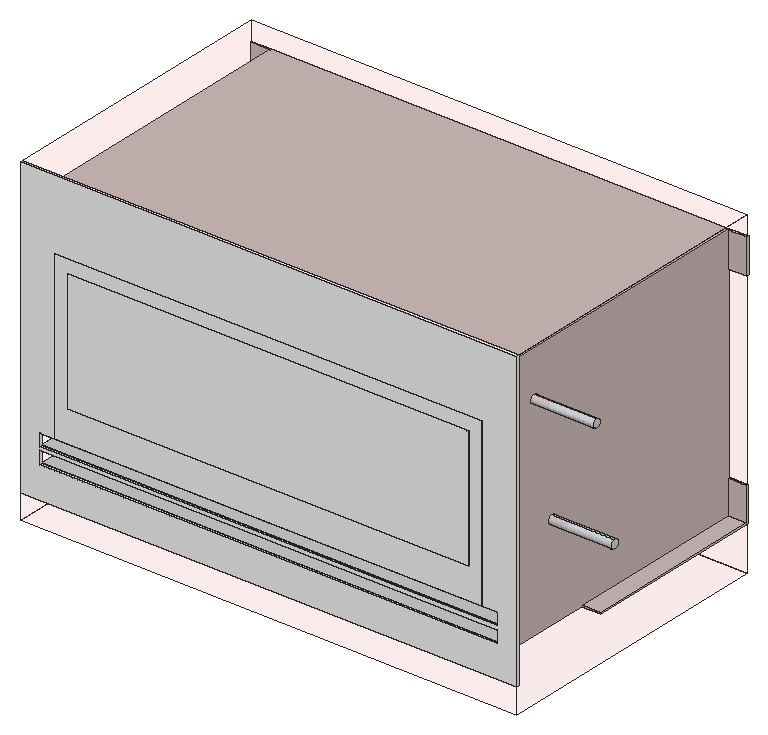
Revit family "Air-Curtain_Customer-Entry_PoweredAire_ECC-ST", category Mechanical Equipment, host Face, Revit 2020
Family settings
  Host = Face
  Round Connector Dimension = Use Diameter
  Part Type = Normal
  OmniClass Number = 23.75.35.17.21
  OmniClass Title = Air Curtains
  Cut with Voids When Loaded = No
  Shared = No
  Room Calculation Point = No
Parameters
  upperpiperotation [instance] = if(Upper Pipe Connection Side A, 0.00°, 180.00°)  # 0.00°
  lowerpiperotation [instance] = if(Lower Pipe Connection Side A, 0.00°, 180.00°)  # 0.00°
  locateupperpipe [instance] = if(Upper Pipe Connection Side A, 0' 0", Nozzle Width)  # 0' - 0"
  locatelowerpipe [instance] = if(Lower Pipe Connection Side A, 0' 0", Nozzle Width)  # 0' - 0"
  Warranty Duration (Years) = 0
  Upper Pipe Connection Side A [instance] = yes
  Unit Width Notes = "Other Widths available."  # constant formula
  Unit Width = 3' - 3"
  Unit Weight = 0
  Unit Height = 1' - 10 3/4"
  Unit Depth = 1' - 11 1/4"
  URL = "http://www.poweredaire.com/"
  Test Data = ""
  Standards Conformance = "as Specified"
  Specification = "http://www.arcat.com/sdspecs/htm04/23_34_33pai.htm"
  SpecWizard = ""
  Sound Pressure = "as Specified"
  Sales Information = "http://www.poweredaire.com/contact_us"
  Revision = "R1_2016-08"
  Projection from Host [instance] = 0' - 2"
  Product Properties = ""
  Product Data = "http://www.arcat.com/arcatcos/cos47/arc47623.html"
  Power Rating = 0 W
  Piping_Water Flow [instance] = 0 GPM
  Piping_Operating Pressure [instance] = 0.00 psi
  Piping_Exit Temperature [instance] = 0 °F
  Piping_Entry Temperature [instance] = 0 °F
  Pipe OD [instance] = 5/8"
  Nozzle Width = if(1 = 1, Unit Width - 0' 3", 0' 0")  # 3' - 0"
  Mounting Width = if(1 = 1, Unit Width - 0' 1 1/2", 0' 0")  # 3' - 1 1/2"
  Mounting Height [instance] = 3' - 6"
  Motor RPM = 0
  Motor HP = 0
  Motor Count = 0
  Model = "As Specified"
  Max Height = 0' - 0"
  Manufacturer Website = "http://www.poweredaire.com/"
  Manufacturer Phone - Toll Free = "888-321-2473"
  Manufacturer Phone = "724-588-3305"
  Manufacturer Fax = "724-588-3371"
  Manufacturer Address = "109 Mortensen Rd.  Greenville, PA 16125"
  Manufacturer = "Powered Aire, Inc"
  Maintenance Schedule (Months) = 0
  Lower Pipe Connection Side A [instance] = yes
  Keynote = "23 34 33"
  Installation-Fabrication = ""
  Installation Phase = ""
  Include Clearance [instance] = yes
  Heating Element Load = 0 W
  HVAC_Temperature Rise = 0 °F
  HVAC_Outlet Volume = 0 CFM
  HVAC_Outlet Velocity Uniformity = 0
  HVAC_Outlet Velocity = 0 FPM
  HVAC_BTU Input = 0.0 Btu/h
  Green Building-LEED = "http://www.arcat.com/green/clients/leed_data_47623.html"
  Front Grating Material [instance] = Metal - Steel - PoweredAire - White Perforated
  Frame Finish [instance] = Metal - Steel - PoweredAire - Stainless 304
  Expected Lifespan (Years) = 0
  Electrical_Wattage [instance] = Power Rating + Heating Element Load  # 0 W
  Electrical_Voltage [instance] = 0 V
  Electrical_Phase [instance] = 1
  Electrical_Frequency [instance] = 0 Hz
  Electrical_Amperage [instance] = 0 A
  Drawn By = "Sumex Design, Inc. / Robert S. Weygant, CSI, CDT, SCIP"
  Description = "Powered Aire Air Curtain as Specified"
  Default Elevation = 0' - 0"  # constant formula
  Cover Finish [instance] = Metal - Steel - PoweredAire - White
  Copyright = "©Arcat Inc."
  Construction Details = "http://www.arcat.com/details/powair/prod3336.html"
  Clearance_Top [instance] = 0' - 0"
  Clearance_Side B [instance] = 0' - 0"
  Clearance_Side A [instance] = 0' - 0"
  Clearance_Intake [instance] = 0' - 0"
  Clearance_Front [instance] = 0' - 0"
  Clearance Material [instance] = ARCAT Clearance
  Building Codes = ""
  Available Options [instance] = "as Specified"
  Assembly Code = "D3090400"
Reference planes (in)
  plane 1 "Center (Elevation)": y = 11.51318
  plane 2: z = 0
  plane 3 "Center (Left/Right)": x = 0
  plane 4: y = 22.88818
  plane 5: y = 0.13818
  plane 6: x = -19.5
  plane 7: x = 19.5
  plane 8: z = 25.25
  plane 9 "FF": y = -41.86182
  plane 10: z = 2
  plane 11: x = 18
  plane 12: x = -18
  plane 13: y = 22.88818
  plane 14: y = 0.13818
  plane 15: x = -19.5
  plane 16: x = 19.5
  plane 17: z = 25.25
  plane 18: y = 0.38818
  plane 19: x = 18
  plane 20: x = 18
  plane 21: z = 20.25
  plane 22: z = 11
Forms (in)
  Extrusion 1, solid, material "ARCAT Clearance" <- "Clearance Material", visible <- "Include Clearance"
    sketch origin (0, 0, 0) x (0, 1, 0) y (0, 0, 1)
      loop
        line (0.13818, 25.25) -> (0.13818, 0) -> (22.88818, 0) -> (22.88818, 25.25) -> (0.13818, 25.25)
    from -19.5 to 19.5
  Extrusion 2, solid, material "Metal - Steel - PoweredAire - White" <- "Cover Finish"
    sketch origin (0, 11.51318, 0) x (1, 0, 0) y (0, 0, 1)
      loop
        line (-19.5, 25.25) -> (-19.5, 2) -> (19.5, 2) -> (19.5, 25.25) -> (-19.5, 25.25)
    from 11.125 to 11.375
  Extrusion 3, solid, material "Metal - Steel - PoweredAire - Stainless 304" <- "Frame Finish"
    sketch origin (0, 11.51318, 0) x (1, 0, 0) y (0, 0, 1)
      loop
        line (18, 23.75) -> (-18, 23.75) -> (-18, 3.5) -> (18, 3.5) -> (18, 23.75)
    from -11.375 to 11.125
  Extrusion 4, void
    sketch origin (0, 0, 0) x (0, 1, 0) y (0, 0, 1)
      loop
        line (0.13818, 5.5) -> (0.13818, 4.5) -> (1.88818, 4.5) -> (1.88818, 6.75) -> (0.13818, 6.75) -> (0.13818, 5.75) -> (1.63818, 5.75) -> (1.63818, 5.5) -> (0.13818, 5.5)
    from -18 to 18
  Extrusion 5, solid, material "Metal - Steel - PoweredAire - White" <- "Cover Finish"
    sketch origin (-11.83813, 0.13818, 48) x (-1, 0, 0) y (0, 0, 1)
      loop
        line (4.91187, -41.25) -> (4.91187, -28.25) -> (-28.58813, -28.25) -> (-28.58813, -41.25) -> (4.91187, -41.25)
    from 0 to -0.03125
  Extrusion 6, solid, material "Metal - Steel - PoweredAire - White Perforated" <- "Front Grating Material"
    sketch origin (-11.83813, 0.10693, 48) x (1, 0, 0) y (0, 0, 1)
      loop
        line (-3.91187, -29.25) -> (-3.91187, -38.75) -> (27.58813, -38.75) -> (27.58813, -29.25) -> (-3.91187, -29.25)
    from 0 to 0.03125
  Extrusion 7, solid, material "Metal - Steel - PoweredAire - Stainless 304" <- "Frame Finish"
    sketch origin (-15.17702, -180, 2) x (-1, 0, 0) y (0, -1, 0)
      loop
        line (-33.17702, -202.88818) -> (-33.17702, -188.38818) -> (-34.67702, -188.38818) -> (-34.67702, -202.88818) -> (-33.17702, -202.88818)
      loop
        line (2.82298, -202.88818) -> (4.32298, -202.88818) -> (4.32298, -188.38818) -> (2.82298, -188.38818) -> (2.82298, -202.88818)
    from 1.5 to 1.625
  Extrusion 8, solid, material "Metal - Steel - PoweredAire - Stainless 304" <- "Frame Finish"
    sketch origin (-11.83813, 22.88818, 48) x (-1, 0, 0) y (0, 0, 1)
      loop
        line (7.66187, -44.5) -> (7.66187, -41.75) -> (6.16187, -41.75) -> (6.16187, -44.5) -> (7.66187, -44.5)
      loop
        line (-31.33813, -44.5) -> (-29.83813, -44.5) -> (-29.83813, -41.75) -> (-31.33813, -41.75) -> (-31.33813, -44.5)
      loop
        line (7.66187, -27) -> (7.66187, -24.25) -> (6.16187, -24.25) -> (6.16187, -27) -> (7.66187, -27)
      loop
        line (-31.33813, -27) -> (-29.83813, -27) -> (-29.83813, -24.25) -> (-31.33813, -24.25) -> (-31.33813, -27)
    from 0 to -0.125
  Sweep 9, solid
    path origin (18, 11.51318, 20.25) x (1, 0, 0) y (0, 0, 1)
      loop
        line (0, 0) -> (5, 0)
    profile origin (20.5, 11.51318, 20.25) x (0, 0, 1) y (0, -1, 0)
      loop
        circle (0, 7.875) r 0.3125
  Sweep 10, solid
    path origin (18, 11.51318, 11) x (1, 0, 0) y (0, 0, 1)
      loop
        line (0, 0) -> (5, 0)
    profile origin (20.5, 11.51318, 11) x (0, 0, 1) y (0, -1, 0)
      loop
        circle (0, 6.125) r 0.3125
Cuts and joins
  Extrusion 4 cuts Extrusion 1
  Extrusion 4 cuts Extrusion 2
  Extrusion 4 cuts Extrusion 3
Lines and regions (in)
  reference lines
    curve 1: line (18, 11.51318, 20.25) -> (25.75, 11.51318, 20.25)
    curve 2: line (18, 11.51318, 11) -> (26.25, 11.51318, 11)
Dimensions and locks (in)
  equal spacing: plane 4, plane 1 "Center (Elevation)", plane 5
  "Unit Height": plane 4 to plane 5
  equal spacing: plane 6, plane 3 "Center (Left/Right)", plane 7
  "Unit Width": plane 6 to plane 7
  "Mounting Height": plane 5 to plane 9 "FF"
  "Projection from Host": plane 10 to level
  "Unit Depth": plane 8 to plane 10
  locked: plane 6 to plane 12 at 1.5
  locked: plane 11 to plane 7 at 1.5
  "Clearance_Side A": plane 7 to plane 16
  "Clearance_Side B": plane 15 to plane 6
  "Clearance_Top": plane 13 to plane 4
  "Clearance_Intake": plane 5 to plane 14
  "Clearance_Front": plane 17 to plane 8
  locked: plane 8 to Extrusion 3 sketch curve at 1.5
  locked: Extrusion 3 sketch curve to plane 10 at 1.5
  locked: plane 7 to Extrusion 3 sketch curve at 1.5
  locked: Extrusion 3 sketch curve to plane 6 at 1.5
  locked: plane 18 to plane 5 at 0.25
  Extrusion 4 sketch curve to Extrusion 4 sketch curve to Extrusion 4 sketch curve to Extrusion 4 sketch curve to plane 10 = 0' - 1" locked, 0' - 0 1/4" locked, 0' - 1" locked, 0' - 2 1/2" locked
  Extrusion 5 sketch curve to Extrusion 5 sketch curve to plane 10 = 1' - 1" locked, 0' - 4 3/4" locked
  locked: plane 11 to Extrusion 5 sketch curve at 1.25
  locked: Extrusion 5 sketch curve to plane 12 at 1.25
  Extrusion 6 sketch curve to Extrusion 6 sketch curve to plane 10 = 0' - 9 1/2" locked, 0' - 7 1/4" locked
  locked: Extrusion 6 sketch curve to plane 12 at 2.25
  locked: plane 11 to Extrusion 6 sketch curve at 2.25
  locked: plane 4 to Extrusion 7 sketch curve at 14.5  (x2)
  Extrusion 8 sketch curve to Extrusion 8 sketch curve to Extrusion 8 sketch curve to Extrusion 8 sketch curve to plane 10 = 0' - 2 3/4" locked, 1' - 2 3/4" locked, 0' - 2 3/4" locked, 0' - 1 1/2" locked  (x2)
  "locatelowerpipe": plane 19 to plane 11
  "locateupperpipe": plane 20 to plane 11
  locked: plane 8 to plane 21 at 5
  locked: plane 22 to plane 10 at 9
  locked: curve 1 to Sweep 9 sketch curve at 5
  locked: curve 1 to Sweep 9 sketch curve
  locked: curve 2 to Sweep 10 sketch curve at 5
  locked: curve 2 to Sweep 10 sketch curve
  locked: plane 5 to Sweep 9 sketch curve at 3.5
  locked: plane 5 to Sweep 10 sketch curve at 5.25
  "lowerpiperotation": angle plane 21 to curve 1
  "upperpiperotation": angle plane 22 to curve 2
  aligned and locked: plane 2 to host face
  aligned and locked: level to host face
  aligned and locked: Extrusion 1 sketch curve to plane 17
  aligned and locked: plane 14 to Extrusion 1 sketch curve
  aligned and locked: level to Extrusion 1 sketch curve
  aligned and locked: Extrusion 1 sketch curve to plane 13
  aligned and locked: plane 16 to Extrusion 1
  aligned and locked: Extrusion 1 to plane 15
  aligned and locked: Extrusion 2 sketch curve to plane 8
  aligned and locked: plane 6 to Extrusion 2 sketch curve
  aligned and locked: Extrusion 2 sketch curve to plane 10
  aligned and locked: Extrusion 2 sketch curve to plane 7
  aligned and locked: Extrusion 3 to plane 4
  aligned and locked: Extrusion 3 to plane 18
  aligned and locked: Extrusion 2 to plane 18
  aligned and locked: Extrusion 2 to plane 5
  aligned and locked: plane 11 to Extrusion 4
  aligned and locked: Extrusion 4 to plane 12
  aligned and locked: Extrusion 7 sketch curve to plane 4  (x2)
  aligned and locked: plane 20 to curve 2
  aligned and locked: plane 22 to curve 2
  aligned and locked: plane 19 to curve 1
  aligned and locked: plane 21 to curve 1
Automatic sketch dimensions
  host sketch curve to host sketch curve = 8' - 0"  (x2)
  Extrusion 4 sketch curve to plane 5 = 0' - 0"  (x2)
  plane 18 to Extrusion 4 sketch curve = 0' - 1 1/4"
  Extrusion 4 sketch curve to Extrusion 4 sketch curve = 0' - 0 1/4"
  Extrusion 7 sketch curve to plane 7 = 0' - 0"
  Extrusion 7 sketch curve to plane 11 = 0' - 0"
  Extrusion 7 sketch curve to plane 12 = 0' - 0"
  Extrusion 7 sketch curve to plane 6 = 0' - 0"
  Extrusion 8 sketch curve to plane 7 = 0' - 0"  (x2)
  Extrusion 8 sketch curve to plane 11 = 0' - 0"  (x2)
  Extrusion 8 sketch curve to plane 12 = 0' - 0"  (x2)
  Extrusion 8 sketch curve to plane 6 = 0' - 0"  (x2)
  profile plane to Sweep 9 sketch curve = 0' - 0"
  profile plane to Sweep 10 sketch curve = 0' - 0"
  radius of Sweep 9 sketch curve = 0' - 0 5/16"
  radius of Sweep 10 sketch curve = 0' - 0 5/16"
Connectors (in)
  electrical at (-18, 6.38818, 9.625), driven by "Electrical_Voltage", driven by "Electrical_Phase"
    settings: on cut or joined group of Extrusion 3, Extrusion 4, index 1, voltage 0 V, apparent load 0 VA, apparent load phase1 0 VA, apparent load phase2 0 VA, apparent load phase3 0 VA, power factor 1, load classification "Other", number of poles 1, system type 31, power factor state 1, is connector primary yes, connector utility no, sub classification motor no, connector description ""
  piping at (23, 3.63818, 20.25), diameter 0.625, driven by "Pipe OD"
    settings: on Sweep 9, index 2, connector inside diameter 24", connector length 0' - 0", flow factor 0, pipe flow 0 GPM, pressure drop 0.00 psi, fitting loss kfactor 0, connector angle 0.00°, fixture units 0, engagement length 0' - 0", angle of deflection 0.00°, flow configuration 0, flow direction 0, fitting loss method 0, system type 29, joint type 0, gender type 0, connector reference index -1, connector utility 0, adjustable connector no, is connector primary no, connector description "Define Supply or Return and Location"
  piping at (23, 5.38818, 11), diameter 0.625, driven by "Pipe OD"
    settings: on Sweep 10, index 3, connector inside diameter 24", connector length 0' - 0", flow factor 0, pipe flow 0 GPM, pressure drop 0.00 psi, fitting loss kfactor 0, connector angle 0.00°, fixture units 0, engagement length 0' - 0", angle of deflection 0.00°, flow configuration 0, flow direction 0, fitting loss method 0, system type 29, joint type 0, gender type 0, connector reference index -1, connector utility 0, adjustable connector no, is connector primary yes, connector description "Define Supply or Return and Location"
